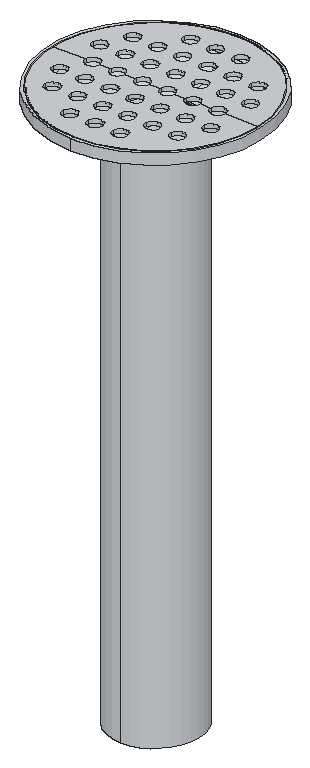
Revit family "RS200R.40.4.118", category Sanitärinstallationen, Revit 2020
Family settings
  Bemaßung runder Anschluss = Durchmesser verwenden
  Teiletyp = Normal
  Arbeitsebenenbasiert = Nein
  Immer vertikal = Ja
  Beim Laden mit Abzugskörper schneiden = Nein
  Gemeinsam genutzt = Nein
  Raumberechnungspunkt = Nein
Parameters (values of type "DN40")
  Übergangsbride [instance] = yes
  Vorgabe-Ansicht = 0 mm
  URL = "https://www.resitec.ch/"
  RS_winkelbol [instance] = not(Spezialanfertigung abgewinkelt)  # yes
  RS_s001 = 3 mm
  RS_dimH-Winkel [instance] = if(Spezialanfertigung abgewinkelt, Höhe, Höhe Rost)  # 317 mm
  RS_dimH-Rost [instance] = RS_Rost_h1 - 38 mm  # 279 mm
  RS_dim001 = 6 mm
  RS_dim002 = 18 mm
  RS_dim003 = 25 mm
  RS_dia002 = 130 mm
  RS_dia001 = 118 mm
  RS_DVol-T = 300 mm
  RS_DVol-L = 300 mm
  RS_DN2 = 0 mm
  RS_DN1d = 48 mm
  RS_DN1 = 40 mm
  RS_AVol-T = 129 mm
  RS_AVol-L = 129 mm
  RS_AVol-H = 200 mm
  RS_URL = "https://resitec.ch/entwaesserungstechnik/bodenablauf/?tx_resitecprodukte_produktliste%5Bprodukt%5D=1&tx_resitecprodukte_produktliste%5Baction%5D=show&tx_resitecprodukte_produktliste%5Bcontroller%5D=Produkt&cHash=cee8b11d3745fbe960417df4e1698a16"
  RS_Rost_h1 [instance] = Höhe Rost  # 317 mm
  RS_Rost_Typ [instance] = "RS511.2.145"
  RS_Manufacture = "Resitec"  # constant formula
  RS_Description [instance] = "Bodeneinlauf aus rostfreiem Stahl 1.4404 gebeizt, Typ RS 200R/40 mit Rohr ø 48.3xL= 317 mm\r\nvertikal, unsifoniert, Grösse: ø 118 mm inkl. Lochrost\r\nrund aus rostfreiem Stahl 1.4301 gebeizt,\r\nGrösse: ø 113 mm, barfuss begehbar und mit Rollstuhl\r\nbefahrbar"  # constant formula
  RS_Articelnumber [instance] = "RS220R.40.4.118"
  RS_Add_1 [instance] = ""
  Spezialanfertigung abgewinkelt [instance] = no
  Rückstaudichtung RS644.60 [instance] = yes
  Höhe Rost [instance] = 317 mm
  Höhe [instance] = 130 mm
  Hersteller = RS_Manufacture  # "Resitec"
  Description = ""
  Baugruppenkennzeichen = "D2030300"
  Anschlusswert DU L/s = 0
Types (3, lengths in mm): name | RS_DN1d | RS_DN1 | RS_Articelnumber
  (no name) | 48 | 40 | "RS220R.40.4.118"
  DN60 | 63 | 60 | "RS220R.60.4.118"
  DN40 | 48 | 40 | "RS220R.40.4.118"
Reference planes
  plane 1 "Mitte (Vorne/hinten)": y = 0
  plane 2: z = 0
  plane 3 "Mitte (Links/rechts)": x = 0
  plane 4: z = -317
  plane 5: y = -59
  plane 6: y = 59
  plane 7: z = -18
  plane 8: z = -6
  plane 9: y = -24
  plane 10: y = 24
  plane 11: z = -130
  plane 12: y = 317
Forms (mm)
  Revolve 1, solid
    sketch origin (0, 0, 0) x (0, 1, 0) y (0, 0, 1)
      loop
        line (-59, 0) -> (-59, -6) -> (-48.343, -6) -> (-23.848, -18.078) -> (-22.5, -18.078) -> (-22.5, -17.07) -> (-47.993, -4.5) -> (-57.5, -4.5) -> (-57.5, 0) -> (-59, 0)
      axis (0, -18.078) -> (0, 0)
    angle from 0 to 360
  Sweep 2, solid, visible <- "Spezialanfertigung abgewinkelt"
    path origin (0, -15.62, 0) x (0, 1, 0) y (0, 0, 1)
      loop
        line (15.62, -18) -> (15.62, -317) -> (332.62, -317)
    profile origin (0, 0, -167.5) x (1, 0, 0) y (0, 1, 0)
      loop
        circle (0, 0) r 24
  Revolve 3, solid, visible <- "RS_winkelbol"
    sketch origin (0, 0, 0) x (0, 1, 0) y (0, 0, 1)
      loop
        line (0, -18.078) -> (0, -317) -> (24, -317) -> (24, -18.078) -> (0, -18.078)
      axis (0, -18.078) -> (0, -317)
    angle from 0 to 360
Dimensions and locks
  "RS_dia001": plane 5 to plane 6
  equal spacing: plane 5, plane 1 "Mitte (Vorne/hinten)", plane 6
  "RS_dim001": level to plane 8
  "RS_dim002": level to plane 7
  "RS_DN1d": plane 9 to plane 10
  equal spacing: plane 9, plane 1 "Mitte (Vorne/hinten)", plane 10
  plane 5 to Revolve 1 sketch curve = 1.5 mm
  plane 8 to Revolve 1 sketch curve = 1.5 mm
  Revolve 1 sketch curve to Revolve 1 sketch curve = 1.5 mm
  plane 5 to Revolve 1 sketch curve = 10.657 mm
  Revolve 1 sketch curve to Revolve 1 sketch curve = 1.348 mm
  "RS_dimH-Winkel": level to plane 4
  "Höhe": level to plane 11
  "Höhe Rost": plane 1 "Mitte (Vorne/hinten)" to plane 12
  "RS_DN1d": diameter of Sweep 2 sketch curve
  aligned and locked: level to plane 2
  aligned and locked: plane 5 to Revolve 1 sketch curve
  aligned and locked: Revolve 1 sketch curve to plane 8
  aligned and locked: plane 12 to Sweep 2 sketch curve
  aligned and locked: plane 1 "Mitte (Vorne/hinten)" to Sweep 2 sketch curve
  aligned and locked: Revolve 1 to level
  aligned and locked: nested 1 to level
  aligned and locked: Revolve 1 to Revolve 3 sketch curve
  aligned and locked: Revolve 3 sketch curve to plane 1 "Mitte (Vorne/hinten)"
  aligned and locked: plane 4 to Revolve 3 sketch curve
  aligned and locked: Revolve 3 sketch curve to plane 10
  aligned and locked: Revolve 3 sketch curve to Revolve 3 sketch curve
Automatic sketch dimensions
  Sweep 2 sketch curve to plane 4 = 0 mm
  Sweep 2 sketch curve to plane 7 = 0 mm
  Revolve 3 sketch curve to plane 10 = 0 mm
  Revolve 3 sketch curve to plane 4 = 0 mm
  Revolve 3 sketch curve to plane 7 = 0 mm
  Revolve 1 sketch curve to plane 7 = 0.078 mm
  plane 9 to Revolve 1 sketch curve = 0.152 mm
  Revolve 1 sketch curve to level = 0 mm  (x2)
  Revolve 1 sketch curve to plane 1 "Mitte (Vorne/hinten)" = 0 mm
  Revolve 1 sketch curve to plane 7 = 0 mm
  Sweep 2 sketch curve to plane 3 "Mitte (Links/rechts)" = 0 mm
  profile plane to Sweep 2 sketch curve = 0 mm
Nested families
  nested 1: "RS511.4.113" at (0, 0, 0), type "RS511.4.113"
Connectors
  piping at (0, 0, -317), diameter 40, driven by "RS_DN1"
    settings: on Revolve 3, index 1, connector inside diameter 609.6 mm, connector length 0 mm, flow factor 0, pipe flow 0.0 L/s, pressure drop 0.0 Pa, fitting loss kfactor 0, connector angle 0.00°, fixture units 0, engagement length 0 mm, angle of deflection 0.00°, flow configuration 0, flow direction 0, fitting loss method 0, system type 16, joint type 0, gender type 0, connector reference index -1, connector utility 0, adjustable connector no, is connector primary yes, connector description ""
Definition of nested family "RS511.4.113"
  Parameters (values of type "RS511.4.113")
    Default Elevation = 0 mm
    RS_dRosat = 114 mm
    RS_Hrost = 4.5 mm
  Reference planes
    plane 1 "Mitte (Vorne/hinten)": y = 0
    plane 2: z = 0
    plane 3 "Mitte (Links/rechts)": x = 0
    plane 4: z = -4.5
    plane 5: x = -57
    plane 6: x = 57
  Forms (mm)
    Revolve 1, solid
      sketch origin (0, 0, 0) x (1, 0, 0) y (0, 0, 1)
        loop
          line (-57, -4.5) -> (-55.2, -4.5) -> (-55.2, -1.8) -> (0, -1.8) -> (0, 0) -> (-57, 0) -> (-57, -4.5)
        axis (0, -4.5) -> (0, 0)
      angle from 0 to 360
    Extrusion 2, void
      sketch origin (0, 0, 0) x (1, 0, 0) y (0, 1, 0)
        loop
          circle (0, 42) r 4.018
        loop
          circle (14, 42) r 4.018
        loop
          circle (-14, 42) r 4.018
        loop
          circle (-7, 28) r 4.018
        loop
          circle (7, 28) r 4.018
        loop
          circle (-21, 28) r 4.018
        loop
          circle (-35, 28) r 4.018
        loop
          circle (35, 28) r 4.018
        loop
          circle (21, 28) r 4.018
        loop
          circle (0, 14) r 4.018
        loop
          circle (14, 14) r 4.018
        loop
          circle (-14, 14) r 4.018
        loop
          circle (-7, 0) r 4.018
        loop
          circle (7, 0) r 4.018
        loop
          circle (-21, 0) r 4.018
        loop
          circle (-35, 0) r 4.018
        loop
          circle (35, 0) r 4.018
        loop
          circle (21, 0) r 4.018
        loop
          circle (-28, 14) r 4.018
        loop
          circle (-42, 14) r 4.018
        loop
          circle (28, 14) r 4.018
        loop
          circle (42, 14) r 4.018
        loop
          circle (0, -42) r 4.018
        loop
          circle (-14, -42) r 4.018
        loop
          circle (14, -42) r 4.018
        loop
          circle (7, -28) r 4.018
        loop
          circle (-7, -28) r 4.018
        loop
          circle (21, -28) r 4.018
        loop
          circle (35, -28) r 4.018
        loop
          circle (-35, -28) r 4.018
        loop
          circle (-21, -28) r 4.018
        loop
          circle (0, -14) r 4.018
        loop
          circle (-14, -14) r 4.018
        loop
          circle (14, -14) r 4.018
        loop
          circle (28, -14) r 4.018
        loop
          circle (42, -14) r 4.018
        loop
          circle (-28, -14) r 4.018
        loop
          circle (-42, -14) r 4.018
      from -4.5 to 0
  Cuts and joins
    Extrusion 2 cuts Revolve 1
  Lines and regions (mm)
    reference lines
      curve 1: line (-75.02, 14, 0) -> (71.979, 14, 0)
      curve 2: line (-75.02, 28, 0) -> (71.979, 28, 0)
      curve 3: line (-75.02, 42, 0) -> (71.979, 42, 0)
  Dimensions and locks
    "RS_Hrost": level to plane 4
    "RS_dRosat": plane 6 to plane 5
    equal spacing: plane 6, plane 3 "Mitte (Links/rechts)", plane 5
    Revolve 1 sketch curve to Revolve 1 sketch curve = 1.8 mm  (x2)
    plane 1 "Mitte (Vorne/hinten)" to curve 1 = 14 mm
    curve 1 to curve 2 = 14 mm
    curve 2 to curve 3 = 14 mm
    radius of Extrusion 2 sketch curve = 4.018 mm  (x38)
    aligned and locked: level to plane 2
    aligned and locked: Extrusion 2 to plane 4
    aligned and locked: level to Extrusion 2
  Automatic sketch dimensions
    Revolve 1 sketch curve to level = 0 mm
    Revolve 1 sketch curve to plane 5 = 0 mm
    Revolve 1 sketch curve to plane 3 "Mitte (Links/rechts)" = 0 mm  (x2)
    Revolve 1 sketch curve to plane 4 = 0 mm  (x2)
    level to Revolve 1 sketch curve = 6.445 mm
    curve 3 to plane 5 = 18.02 mm
    curve 2 to curve 3 = 0 mm
    curve 1 to curve 2 = 0 mm  (x2)
    plane 6 to curve 2 = 14.979 mm
    curve 3 to curve 2 = 0 mm
    plane 1 "Mitte (Vorne/hinten)" to Extrusion 2 sketch curve = 0 mm  (x6)
    Extrusion 2 sketch curve to plane 3 "Mitte (Links/rechts)" = 0 mm  (x4)
    Extrusion 2 sketch curve to plane 3 "Mitte (Links/rechts)" = 7 mm  (x3)
    Extrusion 2 sketch curve to plane 3 "Mitte (Links/rechts)" = 14 mm  (x4)
    Extrusion 2 sketch curve to Extrusion 2 sketch curve = 14 mm  (x26)
    plane 3 "Mitte (Links/rechts)" to Extrusion 2 sketch curve = 7 mm  (x3)
    plane 3 "Mitte (Links/rechts)" to Extrusion 2 sketch curve = 14 mm  (x4)
    plane 1 "Mitte (Vorne/hinten)" to Extrusion 2 sketch curve = 14 mm  (x3)
    Extrusion 2 sketch curve to Extrusion 2 sketch curve = 0 mm  (x21)
    Extrusion 2 sketch curve to plane 1 "Mitte (Vorne/hinten)" = 14 mm  (x2)
